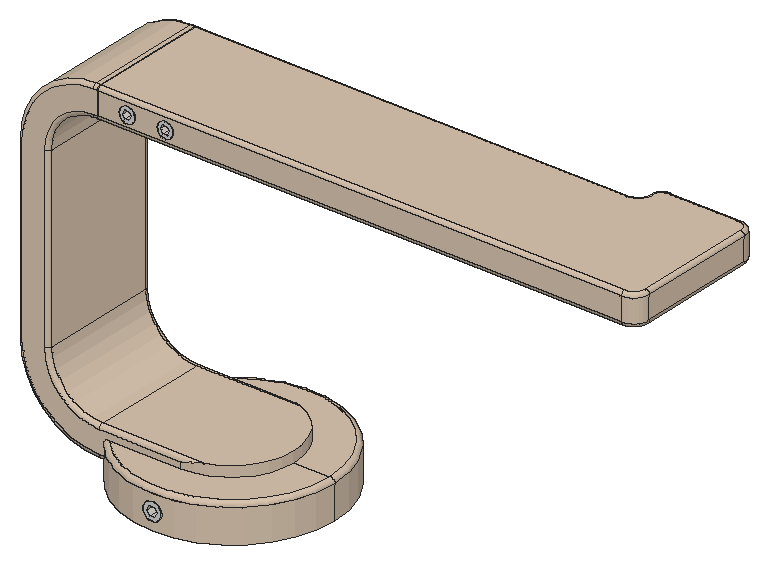
Revit family "Accessory-Tissue_Holder-KALLISTA-Guise-P34249_1", category Specialty Equipment, host Face, Revit 2021
Family settings
  Host = Face
  Round Connector Dimension = Use Diameter
  Part Type = Normal
  OmniClass Number = 23.31.25.21
  OmniClass Title = Toilet Paper Dispensers
  Cut with Voids When Loaded = No
  Shared = No
  Room Calculation Point = No
Parameters (values of type "BAF-Brushed French Gold")
  Width = 3.65354"  # constant formula
  WaterSense Certified = 1 = 0  # no
  URL = "https://www.kallista.com/"
  Type = 1
  Product Page URL = ""
  Product Name = "Guise"  # constant formula
  Product Documentation Link = ""
  Model = if(Type = 1, "P34249-00-BAF", if(Type = 2, "P34249-00-BN", if(Type = 3, "P34249-00-CP", if(Type = 4, "P34249-00-PGP", if(Type = 5, "P34249-00-SN", "NA")))))  # "P34249-00-BAF"
  Material = "Premium Metal Construction"  # constant formula
  Master Format 2014 Name = "Toilet, Bath, and Laundry Accessories"  # constant formula
  Master Format 2014 = "10 28 00"  # constant formula
  Manufacturer Address = "444 Highland Dr, Kohler, WI 53044"  # constant formula
  Manufacturer = "Kallista Co."  # constant formula
  Length = 6.40551"  # constant formula
  Height = 2.09843"  # constant formula
  Finish = Kallista-Metal-BAF-Brushed_French_Gold
  Environmental Product Declaration = ""
  Description = "Toilet Paper Holder"  # constant formula
  Default Elevation = 42"
  Declare Label = ""
  Date Modified = "07/08/2024"  # constant formula
  Date Created = "07/08/2024"  # constant formula
  Copyright = "Copyright Kallista Co."  # constant formula
  Contact Us = "https://www.kallista.com/corporate/contact-us/"
  Assembly Code = "C1030200"
  ADA Compliant = 1 = 0  # no
Types (6): name | Type | Model | Finish
  (no name) | 1 | "P34249-00-BAF" | Kallista-Metal-BAF-Brushed_French_Gold
  BAF-Brushed French Gold | 1 | "P34249-00-BAF" | Kallista-Metal-BAF-Brushed_French_Gold
  BN-Brushed Nickel | 2 | "P34249-00-BN" | Kallista-Metal-BN-Brushed_Nickel
  CP-Chrome | 3 | "P34249-00-CP" | Kallista-Metal-CP-Chrome
  PGP-Polished Graphite | 4 | "P34249-00-PGP" | Kallista-Metal-PGP-Polished_Graphite
  SN-Polished Nickel | 5 | "P34249-00-SN" | Kallista-Metal-SN-Polished_Nickel
Reference planes (in)
  plane 1 "Center (Front/Back)": y = 0
  plane 2: z = 0
  plane 3 "Center (Left/Right)": x = 0
  plane 4: x = -1.70276
  plane 5: y = 1.04921
  plane 6: y = 0.8937
  plane 7: y = -0.64961
  plane 8: y = -1.04921
  plane 9: x = 1.04921
  plane 10: x = -1.04921
  plane 11: x = -1.3878
  plane 12: x = 3.70669
  plane 13: x = 4.70276
  plane 14: y = 0.64961
  plane 15: z = 3.65354
  plane 16: z = 3.33858
  plane 17: z = 0.3937
Dimensions and locks (in)
  plane 10 to plane 9 = 2.09843"
  plane 14 to plane 7 = 1.29921"
  "Length": plane 4 to plane 13
  plane 15 to plane 16 = 0.31496"
  plane 16 to level = 3.33858"
  plane 11 to plane 12 = 5.09449"
  plane 6 to plane 7 = 1.54331"
  "Width": plane 15 to level
  level to plane 17 = 0.3937"
  "Height": plane 5 to plane 8
  aligned and locked: plane 2 to host face
  aligned and locked: level to host face
  aligned and locked: plane 1 "Center (Front/Back)" to nested 1
  aligned and locked: plane 3 "Center (Left/Right)" to nested 1
Automatic sketch dimensions
  host sketch curve to host sketch curve = 96"  (x2)
Nested families (in)
  nested 1: "P34249" at (12, 0, 0), type "P34249"
Definition of nested family "P34249"
  Parameters
    Material = none
    Default Elevation = 0"
  Reference planes (in)
    plane 1 "Center (Front/Back)": y = 0
    plane 2: z = 0
    plane 3 "Center (Left/Right)": x = -12
    plane 4: z = 3.65354
    plane 5: y = 0.64961
    plane 6: y = -0.64961
    plane 7: y = -1.04921
    plane 8: y = 1.04921
    plane 9: z = 0.3937
    plane 10: z = 3.33858
    plane 11: x = -13.70276
    plane 12: x = -13.04921
    plane 13: x = -10.95079
    plane 14: x = -7.29724
    plane 15: x = -8.29331
    plane 16: x = -13.3878
    plane 17: y = 0.8937
  Forms (in)
    Sweep 1, solid, material <- "Material", detail levels medium+fine
      path origin (0, 0, 0) x (1, 0, 0) y (0, 0, 1)
        loop
          line (-12.8873, 3.63471) -> (-12.92881, 3.63471)
          arc (-12.92881, 3.63471) -> (-13.47925, 3.40671) -> (-13.70724, 2.85627) r 0.77844
          line (-13.70724, 2.85627) -> (-13.70724, 1.02981)
          arc (-13.70724, 1.02981) -> (-13.46047, 0.43403) -> (-12.8647, 0.18726) r 0.84255
          line (-12.8647, 0.18726) -> (-11.32719, 0.18726)
      profile origin (-12.8873, 0, 3.63471) x (0, 0, -1) y (0, -1, 0)
        loop
          line (0.27497, 0.64961) -> (0.04, 0.64961)
          arc (0.04, 0.64961) -> (0.01172, 0.63789) -> (0, 0.60961) r 0.04
          line (0, 0.60961) -> (0, -0.60961)
          arc (0, -0.60961) -> (0.01172, -0.63789) -> (0.04, -0.64961) r 0.04
          line (0.04, -0.64961) -> (0.27497, -0.64961)
          arc (0.27497, -0.64961) -> (0.30325, -0.63789) -> (0.31497, -0.60961) r 0.04
          line (0.31497, -0.60961) -> (0.31497, 0.60961)
          arc (0.31497, 0.60961) -> (0.30325, 0.63789) -> (0.27497, 0.64961) r 0.04
    Extrusion 2, void
      sketch origin (0, 0, 0) x (1, 0, 0) y (0, 1, 0)
        loop
          arc (-12.02082, 0.64961) -> (-11.37122, 0) -> (-12.02082, -0.64961) r 0.64961
          line (-12.02082, -0.64961) -> (-12.83382, -0.64961) -> (-12.83382, -0.91345) -> (-10.66847, -0.91345) -> (-10.66847, 0.90439) -> (-12.94692, 0.90439) -> (-12.94692, 0.64961) -> (-12.02082, 0.64961)
      from 0 to 0.91724
    Revolve 3, solid, material <- "Material", detail levels medium+fine
      sketch origin (0, 0, 0) x (1, 0, 0) y (0, 0, 1)
        loop
          line (-12, 0) -> (-10.95079, 0) -> (-10.95079, 0.34646)
          arc (-10.95079, 0.34646) -> (-10.96462, 0.37986) -> (-10.99803, 0.3937) r 0.04724
          line (-10.99803, 0.3937) -> (-12, 0.3937) -> (-12, 0)
        axis (-12, 0) -> (-12, 0.3937)
      angle from 0 to 360
    Extrusion 4, void
      sketch origin (0, 0, 0) x (1, 0, 0) y (0, 0, 1)
        loop
          circle (-12, 0.17906) r 0.09843
      from 0.75807 to 1.15613
    Revolve 5, solid, material <- "Material", detail levels coarse
      sketch origin (0, 0, 0) x (1, 0, 0) y (0, 0, 1)
        loop
          line (-12, 0) -> (-10.95079, 0) -> (-10.95079, 0.3937) -> (-12, 0.3937) -> (-12, 0)
        axis (-12, 0) -> (-12, 0.3937)
      angle from 0 to 360
    Sweep 6, solid, material <- "Material", detail levels medium+fine
      path origin (0, 0, 0) x (1, 0, 0) y (0, 1, 0)
        loop
          line (-12.8873, 0.64961) -> (-8.39903, 0.64961)
          arc (-8.39903, 0.64961) -> (-8.32944, 0.67843) -> (-8.30061, 0.74803) r 0.09843
          line (-8.30061, 0.74803) -> (-8.30061, 0.79513)
          arc (-8.30061, 0.79513) -> (-8.27178, 0.86473) -> (-8.20218, 0.89356) r 0.09843
          line (-8.20218, 0.89356) -> (-7.45934, 0.89356)
          arc (-7.45934, 0.89356) -> (-7.34798, 0.84743) -> (-7.30186, 0.73608) r 0.15748
          line (-7.30186, 0.73608) -> (-7.30186, -0.49213)
          arc (-7.30186, -0.49213) -> (-7.34798, -0.60348) -> (-7.45934, -0.64961) r 0.15748
          line (-7.45934, -0.64961) -> (-12.8873, -0.64961)
      profile origin (-10.17332, -0.64961, 0) x (0, 1, 0) y (0, 0, 1)
        loop
          line (0, 3.59534) -> (0, 3.35911)
          arc (0, 3.35911) -> (0.01153, 3.33127) -> (0.03937, 3.31974) r 0.03937
          line (0.03937, 3.31974) -> (0.0729, 3.31974) -> (0.0729, 3.63471) -> (0.03937, 3.63471)
          arc (0.03937, 3.63471) -> (0.01153, 3.62318) -> (0, 3.59534) r 0.03937
    Extrusion 7, solid, material <- "Material", detail levels medium+fine
      sketch origin (0, 0, 0) x (1, 0, 0) y (0, 1, 0)
        loop
          line (-12.8873, 0.57671) -> (-12.8873, -0.57671) -> (-7.45934, -0.57671)
          arc (-7.45934, -0.57671) -> (-7.39953, -0.55193) -> (-7.37476, -0.49213) r 0.08458
          line (-7.37476, -0.49213) -> (-7.37476, 0.73608)
          arc (-7.37476, 0.73608) -> (-7.39953, 0.79589) -> (-7.45934, 0.82066) r 0.08458
          line (-7.45934, 0.82066) -> (-8.20218, 0.82066)
          arc (-8.20218, 0.82066) -> (-8.22023, 0.81318) -> (-8.22771, 0.79513) r 0.02553
          line (-8.22771, 0.79513) -> (-8.22771, 0.74803)
          arc (-8.22771, 0.74803) -> (-8.27789, 0.62689) -> (-8.39903, 0.57671) r 0.17133
          line (-8.39903, 0.57671) -> (-12.8873, 0.57671)
      from 3.31974 to 3.63471
    Extrusion 8, void
      sketch origin (0, 0, 0) x (1, 0, 0) y (0, 0, 1)
        loop
          circle (-12.57815, 3.47704) r 0.08465
        loop
          circle (-12.18445, 3.47704) r 0.08465
      from 0.44128 to 0.75807
    Extrusion 9, solid, detail levels medium+fine
      sketch origin (0, 0, 0) x (1, 0, 0) y (0, 0, 1)
        loop
          circle (-12.57815, 3.47704) r 0.07874
        loop
          circle (-12.18445, 3.47704) r 0.07874
        loop
          line (-12.602, 3.51835) -> (-12.62585, 3.47704) -> (-12.602, 3.43573) -> (-12.5543, 3.43573) -> (-12.53045, 3.47704) -> (-12.5543, 3.51835) -> (-12.602, 3.51835)
        loop
          line (-12.2083, 3.51835) -> (-12.23215, 3.47704) -> (-12.2083, 3.43573) -> (-12.1606, 3.43573) -> (-12.13675, 3.47704) -> (-12.1606, 3.51835) -> (-12.2083, 3.51835)
      from 0.44128 to 0.64961
    Extrusion 10, solid, detail levels medium+fine
      sketch origin (0, 0, 0) x (1, 0, 0) y (0, 0, 1)
        loop
          circle (-12, 0.17906) r 0.08846
        loop
          line (-12.02681, 0.22827) -> (-12.05523, 0.17906) -> (-12.02681, 0.12984) -> (-11.96999, 0.12984) -> (-11.94158, 0.17906) -> (-11.96999, 0.22827) -> (-12.02681, 0.22827)
      from 0.75807 to 1.04921
    Sweep 11, solid, material <- "Material", detail levels coarse
      path origin (0, 0, 0) x (1, 0, 0) y (0, 0, 1)
        loop
          line (-12.8873, 3.63471) -> (-12.92881, 3.63471)
          arc (-12.92881, 3.63471) -> (-13.47925, 3.40671) -> (-13.70724, 2.85627) r 0.77844
          line (-13.70724, 2.85627) -> (-13.70724, 1.02981)
          arc (-13.70724, 1.02981) -> (-13.46047, 0.43403) -> (-12.8647, 0.18726) r 0.84255
          line (-12.8647, 0.18726) -> (-11.32719, 0.18726)
      profile origin (-12.8873, 0, 3.63471) x (0, 0, -1) y (0, -1, 0)
        loop
          line (0.31497, 0.64961) -> (0, 0.64961) -> (0, -0.64961) -> (0.31497, -0.64961) -> (0.31497, 0.64961)
    Extrusion 12, solid, material <- "Material", detail levels coarse
      sketch origin (0, 0, 0) x (1, 0, 0) y (0, 1, 0)
        loop
          line (-12.8873, 0.64961) -> (-12.8873, -0.64961) -> (-7.45934, -0.64961)
          arc (-7.45934, -0.64961) -> (-7.34798, -0.60348) -> (-7.30186, -0.49213) r 0.15748
          line (-7.30186, -0.49213) -> (-7.30186, 0.73608)
          arc (-7.30186, 0.73608) -> (-7.34798, 0.84743) -> (-7.45934, 0.89356) r 0.15748
          line (-7.45934, 0.89356) -> (-8.20218, 0.89356)
          arc (-8.20218, 0.89356) -> (-8.27178, 0.86473) -> (-8.30061, 0.79513) r 0.09843
          line (-8.30061, 0.79513) -> (-8.30061, 0.74803)
          arc (-8.30061, 0.74803) -> (-8.32944, 0.67843) -> (-8.39903, 0.64961) r 0.09843
          line (-8.39903, 0.64961) -> (-12.8873, 0.64961)
      from 3.31974 to 3.63471
  Cuts and joins
    Extrusion 2 cuts Sweep 1
    Extrusion 4 cuts Revolve 3
    joined: Sweep 1, Revolve 3
    Extrusion 8 cuts Sweep 6
    Extrusion 8 cuts Extrusion 7
    joined: Sweep 6, Extrusion 7
    Extrusion 2 cuts Sweep 11
    joined: Revolve 5, Sweep 11, Extrusion 12
  Lines and regions (in)
    Masking region 1
      outline origin (0, 0, 0) x (1, 0, 0) y (0, 1, 0)
        loop
          line (-13.70276, 0) -> (-13.70276, -0.61024)
          arc (-13.70276, -0.61024) -> (-13.69122, -0.63808) -> (-13.66339, -0.64961) r 0.03937
          line (-13.66339, -0.64961) -> (-12.88564, -0.64961)
          arc (-12.88564, -0.64961) -> (-12.83764, -0.6598) -> (-12.79793, -0.68863) r 0.11811
          arc (-12.79793, -0.68863) -> (-12.4367, -0.95242) -> (-12, -1.04921) r 1.09172
          arc (-12, -1.04921) -> (-11.54297, -0.94654) -> (-11.18069, -0.64961) r 1.01523
          line (-11.18069, -0.64961) -> (-7.45472, -0.64961)
          arc (-7.45472, -0.64961) -> (-7.34337, -0.60348) -> (-7.29724, -0.49213) r 0.15748
          line (-7.29724, -0.49213) -> (-7.29724, 0.73622)
          arc (-7.29724, 0.73622) -> (-7.34337, 0.84758) -> (-7.45472, 0.8937) r 0.15748
          line (-7.45472, 0.8937) -> (-8.24409, 0.8937)
          arc (-8.24409, 0.8937) -> (-8.27889, 0.87929) -> (-8.29331, 0.84449) r 0.04921
          line (-8.29331, 0.84449) -> (-8.29331, 0.69882)
          arc (-8.29331, 0.69882) -> (-8.30772, 0.66402) -> (-8.34252, 0.64961) r 0.04921
          line (-8.34252, 0.64961) -> (-11.18069, 0.64961)
          arc (-11.18069, 0.64961) -> (-11.54297, 0.94654) -> (-12, 1.04921) r 1.01523
          arc (-12, 1.04921) -> (-12.4367, 0.95242) -> (-12.79793, 0.68863) r 1.09172
          arc (-12.79793, 0.68863) -> (-12.83764, 0.6598) -> (-12.88564, 0.64961) r 0.11811
          line (-12.88564, 0.64961) -> (-13.66339, 0.64961)
          arc (-13.66339, 0.64961) -> (-13.69122, 0.63808) -> (-13.70276, 0.61024) r 0.03937
          line (-13.70276, 0.61024) -> (-13.70276, 0)
    Masking region 2
      outline origin (0, 0, 0) x (1, 0, 0) y (0, 0, 1)
        loop
          line (-10.95079, 0) -> (-10.95079, 0.35433)
          arc (-10.95079, 0.35433) -> (-10.96232, 0.38217) -> (-10.99016, 0.3937) r 0.03937
          line (-10.99016, 0.3937) -> (-11.28202, 0.3937)
          arc (-11.28202, 0.3937) -> (-11.33074, 0.41388) -> (-11.35092, 0.4626) r 0.0689
          line (-11.35092, 0.4626) -> (-11.35092, 0.49353)
          arc (-11.35092, 0.49353) -> (-11.36245, 0.52137) -> (-11.39029, 0.5329) r 0.03937
          line (-11.39029, 0.5329) -> (-12.88583, 0.5329)
          arc (-12.88583, 0.5329) -> (-13.24077, 0.67992) -> (-13.3878, 1.03487) r 0.50197
          line (-13.3878, 1.03487) -> (-13.3878, 2.83661)
          arc (-13.3878, 2.83661) -> (-13.24077, 3.19156) -> (-12.88583, 3.33858) r 0.50197
          line (-12.88583, 3.33858) -> (-7.33661, 3.33858)
          arc (-7.33661, 3.33858) -> (-7.30878, 3.35011) -> (-7.29724, 3.37795) r 0.03937
          line (-7.29724, 3.37795) -> (-7.29724, 3.61417)
          arc (-7.29724, 3.61417) -> (-7.30878, 3.64201) -> (-7.33661, 3.65354) r 0.03937
          line (-7.33661, 3.65354) -> (-12.87598, 3.65354)
          arc (-12.87598, 3.65354) -> (-13.4606, 3.41139) -> (-13.70276, 2.82677) r 0.82677
          line (-13.70276, 2.82677) -> (-13.70276, 1.01783)
          arc (-13.70276, 1.01783) -> (-13.54538, 0.54288) -> (-13.13553, 0.25589) r 0.79535
          arc (-13.13553, 0.25589) -> (-13.07518, 0.21396) -> (-13.05131, 0.14446) r 0.11811
          line (-13.05131, 0.14446) -> (-13.04921, 0) -> (-10.95079, 0)
    Masking region 3
      outline origin (0, 0, 0) x (0, 1, 0) y (0, 0, 1)
        loop
          line (1.04921, 0) -> (1.04921, 0.36191)
          arc (1.04921, 0.36191) -> (1.0399, 0.38439) -> (1.01742, 0.3937) r 0.03179
          line (1.01742, 0.3937) -> (0.70866, 0.3937)
          arc (0.70866, 0.3937) -> (0.6669, 0.411) -> (0.64961, 0.45276) r 0.05906
          line (0.64961, 0.45276) -> (0.64961, 3.33858) -> (0.85433, 3.33858)
          arc (0.85433, 3.33858) -> (0.88217, 3.35011) -> (0.8937, 3.37795) r 0.03937
          line (0.8937, 3.37795) -> (0.8937, 3.61417)
          arc (0.8937, 3.61417) -> (0.88217, 3.64201) -> (0.85433, 3.65354) r 0.03937
          line (0.85433, 3.65354) -> (0.62008, 3.65354) -> (0, 3.65354) -> (-0.62008, 3.65354)
          arc (-0.62008, 3.65354) -> (-0.64096, 3.64489) -> (-0.64961, 3.62402) r 0.02953
          line (-0.64961, 3.62402) -> (-0.64961, 0.45276)
          arc (-0.64961, 0.45276) -> (-0.6669, 0.411) -> (-0.70866, 0.3937) r 0.05906
          line (-0.70866, 0.3937) -> (-1.01742, 0.3937)
          arc (-1.01742, 0.3937) -> (-1.0399, 0.38439) -> (-1.04921, 0.36191) r 0.03179
          line (-1.04921, 0.36191) -> (-1.04921, 0) -> (0, 0) -> (1.04921, 0)
    symbolic lines, detail levels medium+fine
      curve 1: line (-12.89311, 0, 0) -> (-12.89311, -0.64961, 0)
      curve 2: line (-12.90808, 0, 0) -> (-12.90808, -0.64961, 0)
      curve 3: line (-13.70276, -0.61024, 0) -> (-12.89311, -0.61024, 0)
      curve 4: line (-12.88564, -0.64961, 0) -> (-11.70454, -0.64961, 0)
      curve 5: line (-12.71477, -0.71908, 0) -> (-12, -0.71908, 0)
      curve 6: arc (-12, -0.71908, 0) -> (-11.84824, -0.70148, 0) -> (-11.70454, -0.64961, 0) r 0.66303
      curve 7: arc (-12.79793, -0.68863, 0) -> (-12.75905, -0.71122, 0) -> (-12.71477, -0.71908, 0) r 0.12876
      curve 8: line (-12.71477, -0.71908, 0) -> (-12.71477, -0.64961, 0)
      curve 9: arc (-12.71477, -0.71908, 0) -> (-11.95955, -1.00282, 0) -> (-11.2342, -0.64961, 0) r 1.02074
      curve 10: line (-12, -0.71908, 0) -> (-12, -0.64961, 0)
      curve 11: line (-11.18069, -0.64961, 0) -> (-11.70454, -0.64961, 0)
      curve 12: line (-12.89311, 0, 0) -> (-12.89311, 0.64961, 0)
      curve 13: line (-12.90808, 0, 0) -> (-12.90808, 0.64961, 0)
      curve 14: line (-13.70276, 0.61024, 0) -> (-12.89311, 0.61024, 0)
      curve 15: line (-12.88564, 0.64961, 0) -> (-11.70454, 0.64961, 0)
      curve 16: line (-12.71477, 0.71908, 0) -> (-12, 0.71908, 0)
      curve 17: arc (-12, 0.71908, 0) -> (-11.84824, 0.70148, 0) -> (-11.70454, 0.64961, 0) r 0.66303
      curve 18: arc (-12.79793, 0.68863, 0) -> (-12.75905, 0.71122, 0) -> (-12.71477, 0.71908, 0) r 0.12876
      curve 19: line (-12.71477, 0.71908, 0) -> (-12.71477, 0.64961, 0)
      curve 20: arc (-12.71477, 0.71908, 0) -> (-11.95955, 1.00282, 0) -> (-11.2342, 0.64961, 0) r 1.02074
      curve 21: line (-12, 0.71908, 0) -> (-12, 0.64961, 0)
      curve 22: line (-11.18069, 0.64961, 0) -> (-11.70454, 0.64961, 0)
      curve 23: line (-12.89311, 0.61024, 0) -> (-11.70454, 0.61024, 0)
      curve 24: line (-11.18069, 0.61024, 0) -> (-11.70454, 0.61024, 0)
      curve 25: line (-8.34252, 0.61024, 0) -> (-11.18069, 0.61024, 0)
      curve 26: arc (-8.25394, 0.69882, 0) -> (-8.27988, 0.63618, 0) -> (-8.34252, 0.61024, 0) r 0.08858
      curve 27: line (-8.25394, 0.83465, 0) -> (-8.25394, 0.69882, 0)
      curve 28: line (-7.45472, 0.85433, 0) -> (-8.23425, 0.85433, 0)
      curve 29: arc (-7.33661, 0.73622, 0) -> (-7.37121, 0.81974, 0) -> (-7.45472, 0.85433, 0) r 0.11811
      curve 30: line (-7.33661, -0.49213, 0) -> (-7.33661, 0.73622, 0)
      curve 31: arc (-7.45472, -0.61024, 0) -> (-7.37121, -0.57564, 0) -> (-7.33661, -0.49213, 0) r 0.11811
      curve 32: line (-11.18069, -0.61024, 0) -> (-7.45472, -0.61024, 0)
      curve 33: line (-11.18069, -0.61024, 0) -> (-11.70454, -0.61024, 0)
      curve 34: line (-12.89311, -0.61024, 0) -> (-11.70454, -0.61024, 0)
      curve 35: arc (-8.23425, 0.85433, 0) -> (-8.24817, 0.84857, 0) -> (-8.25394, 0.83465, 0) r 0.01969
      curve 36: arc (-8.29331, 0, 3.36478) -> (-8.27635, 0, 3.34398) -> (-8.25007, 0, 3.33858) r 0.04
      curve 37: arc (-8.29331, 0, 3.62696) -> (-8.27868, 0, 3.64623) -> (-8.25562, 0, 3.65354) r 0.04
      curve 38: line (-8.29331, 0, 3.62696) -> (-8.29331, 0, 3.36478)
      curve 39: line (-12.87598, 0, 3.65354) -> (-12.87598, 0, 3.33858)
      curve 40: line (-7.3563, 0, 3.61417) -> (-8.23425, 0, 3.61417)
      curve 41: line (-7.33661, 0, 3.39764) -> (-7.33661, 0, 3.59449)
      curve 42: line (-7.3563, 0, 3.37795) -> (-8.23425, 0, 3.37795)
      curve 43: line (-8.25394, 0, 3.59449) -> (-8.25394, 0, 3.39764)
      curve 44: arc (-8.23425, 0, 3.61417) -> (-8.24817, 0, 3.60841) -> (-8.25394, 0, 3.59449) r 0.01969
      curve 45: arc (-8.23425, 0, 3.37795) -> (-8.24817, 0, 3.38372) -> (-8.25394, 0, 3.39764) r 0.01969
      curve 46: arc (-7.33661, 0, 3.59449) -> (-7.34238, 0, 3.60841) -> (-7.3563, 0, 3.61417) r 0.01969
      curve 47: arc (-7.3563, 0, 3.37795) -> (-7.34238, 0, 3.38372) -> (-7.33661, 0, 3.39764) r 0.01969
      curve 48: line (-8.29331, 0, 3.62696) -> (-12.87598, 0, 3.62696)
      curve 49: line (-8.29331, 0, 3.36478) -> (-12.87598, 0, 3.36478)
      curve 50: line (-13.42717, 0, 1.03244) -> (-13.42717, 0, 2.83661)
      curve 51: line (-13.66339, 0, 1.01783) -> (-13.66339, 0, 2.82677)
      curve 52: arc (-13.42717, 0, 2.83661) -> (-13.26427, 0, 3.21831) -> (-12.87598, 0, 3.36478) r 0.52865
      curve 53: arc (-13.66339, 0, 2.82677) -> (-13.43353, 0, 3.38809) -> (-12.87598, 0, 3.62696) r 0.80029
      curve 54: line (-11.35092, 0, 0.49353) -> (-12.88825, 0, 0.49353)
      curve 55: arc (-12.88825, 0, 0.49353) -> (-13.26932, 0, 0.65137) -> (-13.42717, 0, 1.03244) r 0.53892
      curve 56: line (-10.95079, 0, 0.35433) -> (-12.7973, 0, 0.35433)
      curve 57: line (-12.7973, 0, 0.35433) -> (-12.7973, 0, 0.23013)
      curve 58: arc (-12.7973, 0, 0.23013) -> (-12.88241, 0, 0.22287) -> (-12.9678, 0, 0.22477) r 0.79535
      curve 59: line (-11.28202, 0, 0.3937) -> (-12.72513, 0, 0.3937)
      curve 60: arc (-12.72513, 0, 0.3937) -> (-12.76624, 0, 0.38322) -> (-12.7973, 0, 0.35433) r 0.08583
      curve 61: arc (-12.90215, 0, 0.25659) -> (-13.44042, 0, 0.47955) -> (-13.66339, 0, 1.01783) r 0.76124
      curve 62: arc (-12.7973, 0, 0.23013) -> (-12.84808, 0, 0.24987) -> (-12.90215, 0, 0.25659) r 0.22099
      curve 63: arc (-13.05131, 0, 0.14446) -> (-12.97546, 0, 0.11978) -> (-12.89691, 0, 0.10596) r 0.56809
      curve 64: arc (-12.7973, 0, 0.23013) -> (-12.80487, 0, 0.19101) -> (-12.82299, 0, 0.15552) r 0.14239
      curve 65: arc (-12.82299, 0, 0.15552) -> (-12.85534, 0, 0.12387) -> (-12.89691, 0, 0.10596) r 0.12375
      curve 66: arc (-12.89691, 0, 0.10596) -> (-12.91233, 0, 0.17732) -> (-12.9678, 0, 0.22477) r 0.11429
      curve 67: arc (-12.9678, 0, 0.22477) -> (-13.0525, 0, 0.23582) -> (-13.13553, 0, 0.25589) r 0.79535
      curve 68: line (0, 0.62008, 3.65354) -> (0, 0.62008, 0.21116)
      curve 69: line (0, 1.04921, 0.36191) -> (0, 0.64961, 0.36191)
      curve 70: line (0, 0.64961, 0.45276) -> (0, 0.64961, 0.36191)
      curve 71: line (0, 0.64961, 0.36191) -> (0, 0.64961, 0.24445)
      curve 72: arc (0, 0.64961, 0.24445) -> (0, 0.64116, 0.2222) -> (0, 0.62008, 0.21116) r 0.03353
      curve 73: arc (0, 0.62008, 0.21116) -> (0, 0.49571, 0.20551) -> (0, 0.37187, 0.2183) r 0.84016
      curve 74: arc (0, 0.37187, 0.2183) -> (0, 0.18667, 0.24318) -> (0, 0, 0.25189) r 2.14908
      curve 75: arc (0, 0, 0.12242) -> (0, 0.26108, 0.11268) -> (0, 0.52085, 0.0849) r 3.77255
      curve 76: line (0, 0.69168, 0.33559) -> (0, 0.69168, 0.23317)
      curve 77: arc (0, 0.69168, 0.23317) -> (0, 0.64009, 0.12007) -> (0, 0.52085, 0.0849) r 0.14976
      curve 78: arc (0, 0.70866, 0.3937) -> (0, 0.69602, 0.36586) -> (0, 0.69168, 0.33559) r 0.10793
      curve 79: line (0, 0.64961, 1.01806) -> (0, 0, 1.01806)
      curve 80: line (0, 0.64961, 2.82405) -> (0, 0, 2.82405)
      curve 81: line (0, -0.62008, 3.65354) -> (0, -0.62008, 0.21116)
      curve 82: line (0, -1.04921, 0.36191) -> (0, -0.64961, 0.36191)
      curve 83: line (0, -0.64961, 0.45276) -> (0, -0.64961, 0.36191)
      curve 84: line (0, -0.64961, 0.36191) -> (0, -0.64961, 0.24445)
      curve 85: arc (0, -0.64961, 0.24445) -> (0, -0.64116, 0.2222) -> (0, -0.62008, 0.21116) r 0.03353
      curve 86: arc (0, -0.62008, 0.21116) -> (0, -0.49571, 0.20551) -> (0, -0.37187, 0.2183) r 0.84016
      curve 87: arc (0, -0.37187, 0.2183) -> (0, -0.18667, 0.24318) -> (0, 0, 0.25189) r 2.14908
      curve 88: arc (0, 0, 0.12242) -> (0, -0.26108, 0.11268) -> (0, -0.52085, 0.0849) r 3.77255
      curve 89: line (0, -0.69168, 0.33559) -> (0, -0.69168, 0.23317)
      curve 90: arc (0, -0.69168, 0.23317) -> (0, -0.64009, 0.12007) -> (0, -0.52085, 0.0849) r 0.14976
      curve 91: arc (0, -0.70866, 0.3937) -> (0, -0.69602, 0.36586) -> (0, -0.69168, 0.33559) r 0.10793
      curve 92: line (0, -0.64961, 1.01806) -> (0, 0, 1.01806)
      curve 93: line (0, -0.64961, 2.82405) -> (0, 0, 2.82405)
      curve 94: arc (-12, 0.64961, 3.62402) -> (-12, 0.64096, 3.64489) -> (-12, 0.62008, 3.65354) r 0.02953
      curve 95: line (-12, 0.64961, 3.33858) -> (-12, 0.64961, 3.62402)
      curve 96: line (-12, 0.8937, 3.61417) -> (-12, 0.64961, 3.61417)
      curve 97: line (-12, 0.8937, 3.37795) -> (-12, 0.64961, 3.37795)
  Dimensions and locks (in)
    aligned and locked: plane 2 to level
